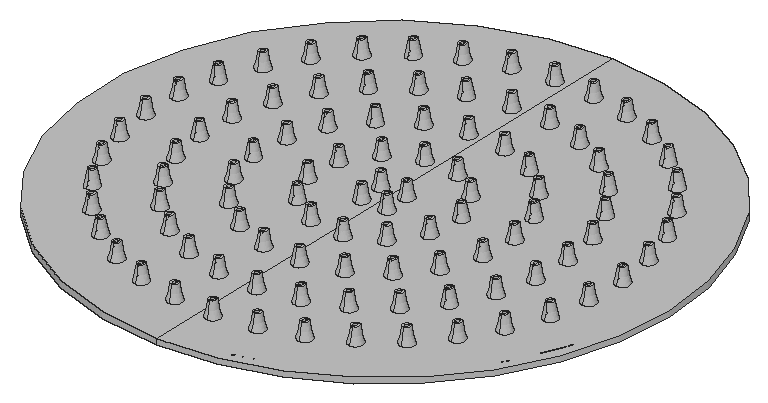
Revit family "Reece_Shower_Milli_Inox_Shower Head_250 mm", category Plumbing Fixtures, host Face, Revit 2018 (continued)
Automatic sketch dimensions
  Revolve 6 sketch curve to Revolve 6 sketch curve = 0.808 mm
  Revolve 6 sketch curve to Revolve 6 sketch curve = 3.055 mm
  Revolve 6 sketch curve to Revolve 6 sketch curve = 0.802 mm
  Revolve 6 sketch curve to Revolve 6 sketch curve = 0 mm  (x2)
  Revolve 7 sketch curve to plane 9 = 0 mm  (x2)
  Revolve 7 sketch curve to plane 1 "Center (Front/Back)" = 3.601 mm
  Revolve 7 sketch curve to Revolve 7 sketch curve = 22.402 mm
  Revolve 7 sketch curve to plane 9 = 6.766 mm
  Revolve 7 sketch curve to Revolve 7 sketch curve = 1.38 mm
  Revolve 7 sketch curve to Revolve 7 sketch curve = 0.808 mm
  Revolve 7 sketch curve to Revolve 7 sketch curve = 3.055 mm
  Revolve 7 sketch curve to Revolve 7 sketch curve = 0.802 mm
  Revolve 7 sketch curve to Revolve 7 sketch curve = 0 mm  (x2)
  Revolve 8 sketch curve to plane 9 = 0 mm  (x2)
  plane 1 "Center (Front/Back)" to Revolve 8 sketch curve = 3.051 mm
  Revolve 8 sketch curve to Revolve 8 sketch curve = 22.402 mm
  Revolve 8 sketch curve to plane 9 = 6.766 mm
  Revolve 8 sketch curve to Revolve 8 sketch curve = 1.38 mm
  Revolve 8 sketch curve to Revolve 8 sketch curve = 0.808 mm
  Revolve 8 sketch curve to Revolve 8 sketch curve = 3.055 mm
  Revolve 8 sketch curve to Revolve 8 sketch curve = 0.802 mm
  Revolve 8 sketch curve to Revolve 8 sketch curve = 0 mm  (x2)
  Revolve 9 sketch curve to plane 9 = 0 mm  (x2)
  plane 1 "Center (Front/Back)" to Revolve 9 sketch curve = 15.716 mm
  Revolve 9 sketch curve to plane 1 "Center (Front/Back)" = 6.685 mm
  Revolve 9 sketch curve to plane 9 = 6.766 mm
  Revolve 9 sketch curve to Revolve 9 sketch curve = 1.38 mm
  Revolve 9 sketch curve to Revolve 9 sketch curve = 0.808 mm
  Revolve 9 sketch curve to Revolve 9 sketch curve = 3.055 mm
  Revolve 9 sketch curve to Revolve 9 sketch curve = 0.802 mm
  Revolve 9 sketch curve to Revolve 9 sketch curve = 0 mm  (x2)
  Revolve 10 sketch curve to plane 9 = 0 mm  (x2)
  Revolve 10 sketch curve to plane 9 = 8.093 mm
  plane 1 "Center (Front/Back)" to Revolve 10 sketch curve = 31.112 mm
  plane 1 "Center (Front/Back)" to Revolve 10 sketch curve = 8.71 mm
  Revolve 10 sketch curve to plane 9 = 6.766 mm
  Revolve 10 sketch curve to Revolve 10 sketch curve = 0.808 mm
  Revolve 10 sketch curve to Revolve 10 sketch curve = 3.055 mm
  Revolve 10 sketch curve to Revolve 10 sketch curve = 0.802 mm
  Revolve 10 sketch curve to Revolve 10 sketch curve = 0 mm  (x2)
  Revolve 11 sketch curve to plane 9 = 0 mm  (x2)
  Revolve 11 sketch curve to plane 9 = 8.093 mm
  plane 1 "Center (Front/Back)" to Revolve 11 sketch curve = 45.11 mm
  Revolve 11 sketch curve to Revolve 11 sketch curve = 22.402 mm
  Revolve 11 sketch curve to plane 9 = 6.766 mm
  Revolve 11 sketch curve to Revolve 11 sketch curve = 0.808 mm
  Revolve 11 sketch curve to Revolve 11 sketch curve = 3.055 mm
  Revolve 11 sketch curve to Revolve 11 sketch curve = 0.802 mm
  Revolve 11 sketch curve to Revolve 11 sketch curve = 0 mm  (x2)
  Revolve 12 sketch curve to plane 9 = 0 mm  (x2)
  Revolve 12 sketch curve to plane 9 = 8.093 mm
  plane 1 "Center (Front/Back)" to Revolve 12 sketch curve = 53.567 mm
  Revolve 12 sketch curve to Revolve 12 sketch curve = 22.402 mm
  Revolve 12 sketch curve to plane 9 = 6.766 mm
  Revolve 12 sketch curve to Revolve 12 sketch curve = 0.808 mm
  Revolve 12 sketch curve to Revolve 12 sketch curve = 3.055 mm
  Revolve 12 sketch curve to Revolve 12 sketch curve = 0.802 mm
  Revolve 12 sketch curve to Revolve 12 sketch curve = 0 mm  (x2)
  plane 9 to Revolve 13 sketch curve = 0 mm  (x2)
  Revolve 13 sketch curve to plane 1 "Center (Front/Back)" = 2.459 mm
  Revolve 13 sketch curve to Revolve 13 sketch curve = 22.402 mm
  Revolve 13 sketch curve to plane 9 = 6.766 mm
  Revolve 13 sketch curve to Revolve 13 sketch curve = 1.38 mm
  Revolve 13 sketch curve to Revolve 13 sketch curve = 0.808 mm
  Revolve 13 sketch curve to Revolve 13 sketch curve = 3.055 mm
  Revolve 13 sketch curve to Revolve 13 sketch curve = 0.802 mm
  Revolve 13 sketch curve to Revolve 13 sketch curve = 0 mm  (x2)
  plane 9 to Revolve 14 sketch curve = 0 mm  (x2)
  plane 1 "Center (Front/Back)" to Revolve 14 sketch curve = 6.256 mm
  Revolve 14 sketch curve to Revolve 14 sketch curve = 22.402 mm
  Revolve 14 sketch curve to plane 9 = 6.766 mm
  Revolve 14 sketch curve to Revolve 14 sketch curve = 1.38 mm
  Revolve 14 sketch curve to Revolve 14 sketch curve = 0.808 mm
  Revolve 14 sketch curve to Revolve 14 sketch curve = 3.055 mm
  Revolve 14 sketch curve to Revolve 14 sketch curve = 0.802 mm
  Revolve 14 sketch curve to Revolve 14 sketch curve = 0 mm  (x2)
  plane 9 to Revolve 15 sketch curve = 0 mm  (x2)
  plane 1 "Center (Front/Back)" to Revolve 15 sketch curve = 19.962 mm
  Revolve 15 sketch curve to plane 1 "Center (Front/Back)" = 2.439 mm
  Revolve 15 sketch curve to plane 9 = 6.766 mm
  Revolve 15 sketch curve to Revolve 15 sketch curve = 1.38 mm
  Revolve 15 sketch curve to Revolve 15 sketch curve = 0.808 mm
  Revolve 15 sketch curve to Revolve 15 sketch curve = 3.055 mm
  Revolve 15 sketch curve to Revolve 15 sketch curve = 0.802 mm
  Revolve 15 sketch curve to Revolve 15 sketch curve = 0 mm  (x2)
  plane 9 to Revolve 16 sketch curve = 0 mm  (x2)
  Revolve 16 sketch curve to plane 9 = 8.093 mm
  plane 1 "Center (Front/Back)" to Revolve 16 sketch curve = 35.516 mm
  plane 1 "Center (Front/Back)" to Revolve 16 sketch curve = 13.115 mm
  Revolve 16 sketch curve to plane 9 = 6.766 mm
  Revolve 16 sketch curve to Revolve 16 sketch curve = 0.808 mm
  Revolve 16 sketch curve to Revolve 16 sketch curve = 3.055 mm
  Revolve 16 sketch curve to Revolve 16 sketch curve = 0.802 mm
  Revolve 16 sketch curve to Revolve 16 sketch curve = 0 mm  (x2)
  plane 9 to Revolve 17 sketch curve = 0 mm  (x2)
  Revolve 17 sketch curve to plane 9 = 8.093 mm
  plane 1 "Center (Front/Back)" to Revolve 17 sketch curve = 48.206 mm
  Revolve 17 sketch curve to Revolve 17 sketch curve = 22.402 mm
  Revolve 17 sketch curve to plane 9 = 6.766 mm
  Revolve 17 sketch curve to Revolve 17 sketch curve = 0.808 mm
  Revolve 17 sketch curve to Revolve 17 sketch curve = 3.055 mm
  Revolve 17 sketch curve to Revolve 17 sketch curve = 0.802 mm
  Revolve 17 sketch curve to Revolve 17 sketch curve = 0 mm  (x2)
  plane 9 to Revolve 18 sketch curve = 0 mm  (x2)
  Revolve 18 sketch curve to plane 9 = 8.093 mm
  plane 1 "Center (Front/Back)" to Revolve 18 sketch curve = 55.037 mm
  Revolve 18 sketch curve to Revolve 18 sketch curve = 22.402 mm
  Revolve 18 sketch curve to plane 9 = 6.766 mm
  Revolve 18 sketch curve to Revolve 18 sketch curve = 0.808 mm
  Revolve 18 sketch curve to Revolve 18 sketch curve = 3.055 mm
  Revolve 18 sketch curve to Revolve 18 sketch curve = 0.802 mm
  Revolve 18 sketch curve to Revolve 18 sketch curve = 0 mm  (x2)
  Revolve 19 sketch curve to plane 9 = 0 mm  (x2)
  Revolve 19 sketch curve to plane 9 = 8.093 mm
  Revolve 19 sketch curve to plane 1 "Center (Front/Back)" = 27.302 mm
  Revolve 19 sketch curve to Revolve 19 sketch curve = 22.402 mm
  Revolve 19 sketch curve to plane 9 = 6.766 mm
  Revolve 19 sketch curve to Revolve 19 sketch curve = 0.808 mm
  Revolve 19 sketch curve to Revolve 19 sketch curve = 3.055 mm
  Revolve 19 sketch curve to Revolve 19 sketch curve = 0.802 mm
  Revolve 19 sketch curve to Revolve 19 sketch curve = 0 mm  (x2)
  Revolve 20 sketch curve to plane 9 = 0 mm  (x2)
  Revolve 20 sketch curve to plane 9 = 8.093 mm
  Revolve 20 sketch curve to plane 1 "Center (Front/Back)" = 23.054 mm
  Revolve 20 sketch curve to Revolve 20 sketch curve = 22.402 mm
  Revolve 20 sketch curve to plane 9 = 6.766 mm
  Revolve 20 sketch curve to Revolve 20 sketch curve = 0.808 mm
  Revolve 20 sketch curve to Revolve 20 sketch curve = 3.055 mm
  Revolve 20 sketch curve to Revolve 20 sketch curve = 0.802 mm
  Revolve 20 sketch curve to Revolve 20 sketch curve = 0 mm  (x2)
  Revolve 21 sketch curve to plane 9 = 0 mm  (x2)
  Revolve 21 sketch curve to plane 9 = 8.093 mm
  Revolve 21 sketch curve to plane 1 "Center (Front/Back)" = 13.932 mm
  Revolve 21 sketch curve to Revolve 21 sketch curve = 22.402 mm
  Revolve 21 sketch curve to plane 9 = 6.766 mm
  Revolve 21 sketch curve to Revolve 21 sketch curve = 0.808 mm
  Revolve 21 sketch curve to Revolve 21 sketch curve = 3.055 mm
  Revolve 21 sketch curve to Revolve 21 sketch curve = 0.802 mm
  Revolve 21 sketch curve to Revolve 21 sketch curve = 0 mm  (x2)
  Revolve 22 sketch curve to plane 9 = 0 mm  (x2)
  Revolve 22 sketch curve to plane 1 "Center (Front/Back)" = 0.928 mm
  Revolve 22 sketch curve to Revolve 22 sketch curve = 22.402 mm
  Revolve 22 sketch curve to plane 9 = 6.766 mm
  Revolve 22 sketch curve to Revolve 22 sketch curve = 1.38 mm
  Revolve 22 sketch curve to Revolve 22 sketch curve = 0.808 mm
  Revolve 22 sketch curve to Revolve 22 sketch curve = 3.055 mm
  Revolve 22 sketch curve to Revolve 22 sketch curve = 0.802 mm
  Revolve 22 sketch curve to Revolve 22 sketch curve = 0 mm  (x2)
  Revolve 23 sketch curve to plane 9 = 0 mm  (x2)
  plane 1 "Center (Front/Back)" to Revolve 23 sketch curve = 14.176 mm
  Revolve 23 sketch curve to plane 1 "Center (Front/Back)" = 8.225 mm
  Revolve 23 sketch curve to plane 9 = 6.766 mm
  Revolve 23 sketch curve to Revolve 23 sketch curve = 1.38 mm
  Revolve 23 sketch curve to Revolve 23 sketch curve = 0.808 mm
  Revolve 23 sketch curve to Revolve 23 sketch curve = 3.055 mm
  Revolve 23 sketch curve to Revolve 23 sketch curve = 0.802 mm
  Revolve 23 sketch curve to Revolve 23 sketch curve = 0 mm  (x2)
  Revolve 24 sketch curve to plane 9 = 0 mm  (x2)
  Revolve 24 sketch curve to plane 9 = 8.093 mm
  plane 1 "Center (Front/Back)" to Revolve 24 sketch curve = 31.352 mm
  plane 1 "Center (Front/Back)" to Revolve 24 sketch curve = 8.95 mm
  Revolve 24 sketch curve to plane 9 = 6.766 mm
  Revolve 24 sketch curve to Revolve 24 sketch curve = 0.808 mm
  Revolve 24 sketch curve to Revolve 24 sketch curve = 3.055 mm
  Revolve 24 sketch curve to Revolve 24 sketch curve = 0.802 mm
  Revolve 24 sketch curve to Revolve 24 sketch curve = 0 mm  (x2)
  Revolve 25 sketch curve to plane 9 = 0 mm  (x2)
  Revolve 25 sketch curve to plane 9 = 8.093 mm
  plane 1 "Center (Front/Back)" to Revolve 25 sketch curve = 48.128 mm
  Revolve 25 sketch curve to Revolve 25 sketch curve = 22.402 mm
  Revolve 25 sketch curve to plane 9 = 6.766 mm
  Revolve 25 sketch curve to Revolve 25 sketch curve = 0.808 mm
  Revolve 25 sketch curve to Revolve 25 sketch curve = 3.055 mm
  Revolve 25 sketch curve to Revolve 25 sketch curve = 0.802 mm
  Revolve 25 sketch curve to Revolve 25 sketch curve = 0 mm  (x2)
  Revolve 26 sketch curve to plane 9 = 0 mm  (x2)
  Revolve 26 sketch curve to plane 9 = 8.093 mm
  plane 1 "Center (Front/Back)" to Revolve 26 sketch curve = 61.349 mm
  Revolve 26 sketch curve to Revolve 26 sketch curve = 22.402 mm
  Revolve 26 sketch curve to plane 9 = 6.766 mm
  Revolve 26 sketch curve to Revolve 26 sketch curve = 0.808 mm
  Revolve 26 sketch curve to Revolve 26 sketch curve = 3.055 mm
  Revolve 26 sketch curve to Revolve 26 sketch curve = 0.802 mm
  Revolve 26 sketch curve to Revolve 26 sketch curve = 0 mm  (x2)
  Revolve 27 sketch curve to plane 9 = 0 mm  (x2)
  Revolve 27 sketch curve to plane 9 = 8.093 mm
  Revolve 27 sketch curve to plane 7 = 53.308 mm
  Revolve 27 sketch curve to Revolve 27 sketch curve = 22.402 mm
  Revolve 27 sketch curve to plane 9 = 6.766 mm
  Revolve 27 sketch curve to Revolve 27 sketch curve = 0.808 mm
  Revolve 27 sketch curve to Revolve 27 sketch curve = 3.055 mm
  Revolve 27 sketch curve to Revolve 27 sketch curve = 0.802 mm
  Revolve 27 sketch curve to Revolve 27 sketch curve = 0 mm  (x2)
  Revolve 28 sketch curve to plane 9 = 0 mm  (x2)
  Revolve 28 sketch curve to plane 9 = 8.093 mm
  Revolve 28 sketch curve to plane 7 = 46.336 mm
  Revolve 28 sketch curve to Revolve 28 sketch curve = 22.402 mm
  Revolve 28 sketch curve to plane 9 = 6.766 mm
  Revolve 28 sketch curve to Revolve 28 sketch curve = 0.808 mm
  Revolve 28 sketch curve to Revolve 28 sketch curve = 3.055 mm
  Revolve 28 sketch curve to Revolve 28 sketch curve = 0.802 mm
  Revolve 28 sketch curve to Revolve 28 sketch curve = 0 mm  (x2)
  Revolve 29 sketch curve to plane 9 = 0 mm  (x2)
  Revolve 29 sketch curve to plane 9 = 8.093 mm
  Revolve 29 sketch curve to plane 7 = 50.625 mm
  Revolve 29 sketch curve to Revolve 29 sketch curve = 22.402 mm
  Revolve 29 sketch curve to plane 9 = 6.766 mm
  Revolve 29 sketch curve to Revolve 29 sketch curve = 0.808 mm
  Revolve 29 sketch curve to Revolve 29 sketch curve = 3.055 mm
  Revolve 29 sketch curve to Revolve 29 sketch curve = 0.802 mm
  Revolve 29 sketch curve to Revolve 29 sketch curve = 0 mm  (x2)
  Revolve 30 sketch curve to plane 9 = 0 mm  (x2)
  Revolve 30 sketch curve to plane 9 = 8.093 mm
  Revolve 30 sketch curve to plane 7 = 59.641 mm
  Revolve 30 sketch curve to Revolve 30 sketch curve = 22.402 mm
  Revolve 30 sketch curve to plane 9 = 6.766 mm
  Revolve 30 sketch curve to Revolve 30 sketch curve = 0.808 mm
  Revolve 30 sketch curve to Revolve 30 sketch curve = 3.055 mm
  Revolve 30 sketch curve to Revolve 30 sketch curve = 0.802 mm
  Revolve 30 sketch curve to Revolve 30 sketch curve = 0 mm  (x2)
  Revolve 31 sketch curve to plane 9 = 0 mm  (x2)
  Revolve 31 sketch curve to plane 9 = 8.093 mm
  plane 1 "Center (Front/Back)" to Revolve 31 sketch curve = 77.693 mm
  Revolve 31 sketch curve to Revolve 31 sketch curve = 22.402 mm
  Revolve 31 sketch curve to plane 9 = 6.766 mm
  Revolve 31 sketch curve to Revolve 31 sketch curve = 0.808 mm
  Revolve 31 sketch curve to Revolve 31 sketch curve = 3.055 mm
  Revolve 31 sketch curve to Revolve 31 sketch curve = 0.802 mm
  Revolve 31 sketch curve to Revolve 31 sketch curve = 0 mm  (x2)
  Revolve 32 sketch curve to plane 9 = 0 mm  (x2)
  Revolve 32 sketch curve to plane 9 = 8.093 mm
  plane 1 "Center (Front/Back)" to Revolve 32 sketch curve = 52.601 mm
  Revolve 32 sketch curve to Revolve 32 sketch curve = 22.402 mm
  Revolve 32 sketch curve to plane 9 = 6.766 mm
  Revolve 32 sketch curve to Revolve 32 sketch curve = 0.808 mm
  Revolve 32 sketch curve to Revolve 32 sketch curve = 3.055 mm
  Revolve 32 sketch curve to Revolve 32 sketch curve = 0.802 mm
  Revolve 32 sketch curve to Revolve 32 sketch curve = 0 mm  (x2)
  Revolve 33 sketch curve to plane 9 = 0 mm  (x2)
  Revolve 33 sketch curve to plane 9 = 8.093 mm
  plane 1 "Center (Front/Back)" to Revolve 33 sketch curve = 36.664 mm
  plane 1 "Center (Front/Back)" to Revolve 33 sketch curve = 14.263 mm
  Revolve 33 sketch curve to plane 9 = 6.766 mm
  Revolve 33 sketch curve to Revolve 33 sketch curve = 0.808 mm
  Revolve 33 sketch curve to Revolve 33 sketch curve = 3.055 mm
  Revolve 33 sketch curve to Revolve 33 sketch curve = 0.802 mm
  Revolve 33 sketch curve to Revolve 33 sketch curve = 0 mm  (x2)
  Revolve 34 sketch curve to plane 9 = 0 mm  (x2)
  Revolve 34 sketch curve to plane 9 = 8.093 mm
  plane 1 "Center (Front/Back)" to Revolve 34 sketch curve = 20.166 mm
  Revolve 34 sketch curve to plane 1 "Center (Front/Back)" = 2.235 mm
  Revolve 34 sketch curve to plane 1 "Center (Front/Back)" = 3.615 mm
  Revolve 34 sketch curve to Revolve 34 sketch curve = 0.808 mm
  Revolve 34 sketch curve to Revolve 34 sketch curve = 3.055 mm
  Revolve 34 sketch curve to Revolve 34 sketch curve = 0.802 mm
  Revolve 34 sketch curve to Revolve 34 sketch curve = 0 mm  (x2)
  Revolve 35 sketch curve to plane 9 = 0 mm  (x2)
  plane 1 "Center (Front/Back)" to Revolve 35 sketch curve = 4.186 mm
  Revolve 35 sketch curve to plane 1 "Center (Front/Back)" = 18.215 mm
  Revolve 35 sketch curve to plane 9 = 6.766 mm
  Revolve 35 sketch curve to Revolve 35 sketch curve = 1.38 mm
  Revolve 35 sketch curve to Revolve 35 sketch curve = 0.808 mm
  Revolve 35 sketch curve to Revolve 35 sketch curve = 3.055 mm
  Revolve 35 sketch curve to Revolve 35 sketch curve = 0.802 mm
  Revolve 35 sketch curve to Revolve 35 sketch curve = 0 mm  (x2)
  Revolve 36 sketch curve to plane 9 = 0 mm  (x2)
  Revolve 36 sketch curve to plane 9 = 8.093 mm
  Revolve 36 sketch curve to plane 1 "Center (Front/Back)" = 9.615 mm
  Revolve 36 sketch curve to Revolve 36 sketch curve = 22.402 mm
  Revolve 36 sketch curve to plane 9 = 6.766 mm
  Revolve 36 sketch curve to Revolve 36 sketch curve = 0.808 mm
  Revolve 36 sketch curve to Revolve 36 sketch curve = 3.055 mm
  Revolve 36 sketch curve to Revolve 36 sketch curve = 0.802 mm
  Revolve 36 sketch curve to Revolve 36 sketch curve = 0 mm  (x2)
  Revolve 37 sketch curve to plane 9 = 0 mm  (x2)
  Revolve 37 sketch curve to plane 9 = 8.093 mm
  Revolve 37 sketch curve to plane 1 "Center (Front/Back)" = 20.272 mm
  Revolve 37 sketch curve to Revolve 37 sketch curve = 22.402 mm
  Revolve 37 sketch curve to plane 9 = 6.766 mm
  Revolve 37 sketch curve to Revolve 37 sketch curve = 0.808 mm
  Revolve 37 sketch curve to Revolve 37 sketch curve = 3.055 mm
  Revolve 37 sketch curve to Revolve 37 sketch curve = 0.802 mm
  Revolve 37 sketch curve to Revolve 37 sketch curve = 0 mm  (x2)
  Revolve 38 sketch curve to plane 9 = 0 mm  (x2)
  Revolve 38 sketch curve to plane 9 = 8.093 mm
  Revolve 38 sketch curve to plane 1 "Center (Front/Back)" = 26.334 mm
  Revolve 38 sketch curve to Revolve 38 sketch curve = 22.402 mm
  Revolve 38 sketch curve to plane 9 = 6.766 mm
  Revolve 38 sketch curve to Revolve 38 sketch curve = 0.808 mm
  Revolve 38 sketch curve to Revolve 38 sketch curve = 3.055 mm
  Revolve 38 sketch curve to Revolve 38 sketch curve = 0.802 mm
  Revolve 38 sketch curve to Revolve 38 sketch curve = 0 mm  (x2)
  Revolve 39 sketch curve to plane 9 = 0 mm  (x2)
  Revolve 39 sketch curve to plane 9 = 8.093 mm
  Revolve 39 sketch curve to plane 1 "Center (Front/Back)" = 50.804 mm
  Revolve 39 sketch curve to Revolve 39 sketch curve = 22.402 mm
  Revolve 39 sketch curve to plane 9 = 6.766 mm
  Revolve 39 sketch curve to Revolve 39 sketch curve = 0.808 mm
  Revolve 39 sketch curve to Revolve 39 sketch curve = 3.055 mm
  Revolve 39 sketch curve to Revolve 39 sketch curve = 0.802 mm
  Revolve 39 sketch curve to Revolve 39 sketch curve = 0 mm  (x2)
  Revolve 40 sketch curve to plane 9 = 0 mm  (x2)
  Revolve 40 sketch curve to plane 9 = 8.093 mm
  Revolve 40 sketch curve to plane 1 "Center (Front/Back)" = 47.68 mm
  Revolve 40 sketch curve to Revolve 40 sketch curve = 22.402 mm
  Revolve 40 sketch curve to plane 9 = 6.766 mm
  Revolve 40 sketch curve to Revolve 40 sketch curve = 0.808 mm
  Revolve 40 sketch curve to Revolve 40 sketch curve = 3.055 mm
  Revolve 40 sketch curve to Revolve 40 sketch curve = 0.802 mm
  Revolve 40 sketch curve to Revolve 40 sketch curve = 0 mm  (x2)
  Revolve 41 sketch curve to plane 9 = 0 mm  (x2)
  Revolve 41 sketch curve to plane 9 = 8.093 mm
  Revolve 41 sketch curve to plane 1 "Center (Front/Back)" = 40.966 mm
  Revolve 41 sketch curve to Revolve 41 sketch curve = 22.402 mm
  Revolve 41 sketch curve to plane 9 = 6.766 mm
  Revolve 41 sketch curve to Revolve 41 sketch curve = 0.808 mm
  Revolve 41 sketch curve to Revolve 41 sketch curve = 3.055 mm
  Revolve 41 sketch curve to Revolve 41 sketch curve = 0.802 mm
  Revolve 41 sketch curve to Revolve 41 sketch curve = 0 mm  (x2)
  Revolve 42 sketch curve to plane 9 = 0 mm  (x2)
  Revolve 42 sketch curve to plane 9 = 8.093 mm
  Revolve 42 sketch curve to plane 1 "Center (Front/Back)" = 58.867 mm
  Revolve 42 sketch curve to Revolve 42 sketch curve = 22.402 mm
  Revolve 42 sketch curve to plane 9 = 6.766 mm
  Revolve 42 sketch curve to Revolve 42 sketch curve = 0.808 mm
  Revolve 42 sketch curve to Revolve 42 sketch curve = 3.055 mm
  Revolve 42 sketch curve to Revolve 42 sketch curve = 0.802 mm
  Revolve 42 sketch curve to Revolve 42 sketch curve = 0 mm  (x2)
  Revolve 43 sketch curve to plane 9 = 0 mm  (x2)
  Revolve 43 sketch curve to plane 9 = 8.093 mm
  Revolve 43 sketch curve to plane 1 "Center (Front/Back)" = 34.776 mm
  Revolve 43 sketch curve to Revolve 43 sketch curve = 22.402 mm
  Revolve 43 sketch curve to plane 9 = 6.766 mm
  Revolve 43 sketch curve to Revolve 43 sketch curve = 0.808 mm
  Revolve 43 sketch curve to Revolve 43 sketch curve = 3.055 mm
  Revolve 43 sketch curve to Revolve 43 sketch curve = 0.802 mm
  Revolve 43 sketch curve to Revolve 43 sketch curve = 0 mm  (x2)
  Revolve 44 sketch curve to plane 9 = 0 mm  (x2)
  Revolve 44 sketch curve to plane 1 "Center (Front/Back)" = 19.972 mm
  Revolve 44 sketch curve to Revolve 44 sketch curve = 22.402 mm
  Revolve 44 sketch curve to plane 9 = 6.766 mm
  Revolve 44 sketch curve to Revolve 44 sketch curve = 1.38 mm
  Revolve 44 sketch curve to Revolve 44 sketch curve = 0.808 mm
  Revolve 44 sketch curve to Revolve 44 sketch curve = 3.055 mm
  Revolve 44 sketch curve to Revolve 44 sketch curve = 0.802 mm
  Revolve 44 sketch curve to Revolve 44 sketch curve = 0 mm  (x2)
  Revolve 45 sketch curve to plane 9 = 0 mm  (x2)
  plane 1 "Center (Front/Back)" to Revolve 45 sketch curve = 13.548 mm
  Revolve 45 sketch curve to plane 1 "Center (Front/Back)" = 8.854 mm
  Revolve 45 sketch curve to plane 9 = 6.766 mm
  Revolve 45 sketch curve to Revolve 45 sketch curve = 1.38 mm
  Revolve 45 sketch curve to Revolve 45 sketch curve = 0.808 mm
  Revolve 45 sketch curve to Revolve 45 sketch curve = 3.055 mm
  Revolve 45 sketch curve to Revolve 45 sketch curve = 0.802 mm
  Revolve 45 sketch curve to Revolve 45 sketch curve = 0 mm  (x2)
  Revolve 46 sketch curve to plane 9 = 0 mm  (x2)
  Revolve 46 sketch curve to plane 9 = 8.093 mm
  plane 1 "Center (Front/Back)" to Revolve 46 sketch curve = 30.887 mm
  plane 1 "Center (Front/Back)" to Revolve 46 sketch curve = 8.485 mm
  Revolve 46 sketch curve to plane 9 = 6.766 mm
  Revolve 46 sketch curve to Revolve 46 sketch curve = 0.808 mm
  Revolve 46 sketch curve to Revolve 46 sketch curve = 3.055 mm
  Revolve 46 sketch curve to Revolve 46 sketch curve = 0.802 mm
  Revolve 46 sketch curve to Revolve 46 sketch curve = 0 mm  (x2)
  Revolve 47 sketch curve to plane 9 = 0 mm  (x2)
  Revolve 47 sketch curve to plane 9 = 8.093 mm
  plane 1 "Center (Front/Back)" to Revolve 47 sketch curve = 48.408 mm
  Revolve 47 sketch curve to Revolve 47 sketch curve = 22.402 mm
  Revolve 47 sketch curve to plane 9 = 6.766 mm
  Revolve 47 sketch curve to Revolve 47 sketch curve = 0.808 mm
  Revolve 47 sketch curve to Revolve 47 sketch curve = 3.055 mm
  Revolve 47 sketch curve to Revolve 47 sketch curve = 0.802 mm
  Revolve 47 sketch curve to Revolve 47 sketch curve = 0 mm  (x2)
  Revolve 48 sketch curve to plane 9 = 0 mm  (x2)
  Revolve 48 sketch curve to plane 9 = 8.093 mm
  plane 1 "Center (Front/Back)" to Revolve 48 sketch curve = 65.086 mm
  Revolve 48 sketch curve to Revolve 48 sketch curve = 22.402 mm
  Revolve 48 sketch curve to plane 9 = 6.766 mm
  Revolve 48 sketch curve to Revolve 48 sketch curve = 0.808 mm
  Revolve 48 sketch curve to Revolve 48 sketch curve = 3.055 mm
  Revolve 48 sketch curve to Revolve 48 sketch curve = 0.802 mm
  Revolve 48 sketch curve to Revolve 48 sketch curve = 0 mm  (x2)
  Revolve 49 sketch curve to plane 9 = 0 mm  (x2)
  Revolve 49 sketch curve to plane 9 = 8.093 mm
  Revolve 49 sketch curve to plane 7 = 61.072 mm
  Revolve 49 sketch curve to Revolve 49 sketch curve = 22.402 mm
  Revolve 49 sketch curve to plane 9 = 6.766 mm
  Revolve 49 sketch curve to Revolve 49 sketch curve = 0.808 mm
  Revolve 49 sketch curve to Revolve 49 sketch curve = 3.055 mm
  Revolve 49 sketch curve to Revolve 49 sketch curve = 0.802 mm
  Revolve 49 sketch curve to Revolve 49 sketch curve = 0 mm  (x2)
  Revolve 50 sketch curve to plane 9 = 0 mm  (x2)
  Revolve 50 sketch curve to plane 9 = 8.093 mm
  Revolve 50 sketch curve to plane 7 = 47.126 mm
  Revolve 50 sketch curve to Revolve 50 sketch curve = 22.402 mm
  Revolve 50 sketch curve to plane 9 = 6.766 mm
  Revolve 50 sketch curve to Revolve 50 sketch curve = 0.808 mm
  Revolve 50 sketch curve to Revolve 50 sketch curve = 3.055 mm
  Revolve 50 sketch curve to Revolve 50 sketch curve = 0.802 mm
  Revolve 50 sketch curve to Revolve 50 sketch curve = 0 mm  (x2)
  Revolve 51 sketch curve to plane 9 = 0 mm  (x2)
  Revolve 51 sketch curve to plane 9 = 8.093 mm
  Revolve 51 sketch curve to plane 7 = 27.665 mm
  Revolve 51 sketch curve to Revolve 51 sketch curve = 22.402 mm
  Revolve 51 sketch curve to plane 9 = 6.766 mm
  Revolve 51 sketch curve to Revolve 51 sketch curve = 0.808 mm
  Revolve 51 sketch curve to Revolve 51 sketch curve = 3.055 mm
  Revolve 51 sketch curve to Revolve 51 sketch curve = 0.802 mm
  Revolve 51 sketch curve to Revolve 51 sketch curve = 0 mm  (x2)
  Revolve 52 sketch curve to plane 9 = 0 mm  (x2)
  Revolve 52 sketch curve to plane 9 = 8.093 mm
  Revolve 52 sketch curve to plane 7 = 23.002 mm
  Revolve 52 sketch curve to Revolve 52 sketch curve = 22.402 mm
  Revolve 52 sketch curve to plane 9 = 6.766 mm
  Revolve 52 sketch curve to Revolve 52 sketch curve = 0.808 mm
  Revolve 52 sketch curve to Revolve 52 sketch curve = 3.055 mm
  Revolve 52 sketch curve to Revolve 52 sketch curve = 0.802 mm
  Revolve 52 sketch curve to Revolve 52 sketch curve = 0 mm  (x2)
  Revolve 53 sketch curve to plane 9 = 0 mm  (x2)
  Revolve 53 sketch curve to plane 9 = 8.093 mm
  Revolve 53 sketch curve to plane 7 = 22.502 mm
  Revolve 53 sketch curve to Revolve 53 sketch curve = 22.402 mm
  Revolve 53 sketch curve to plane 9 = 6.766 mm
  Revolve 53 sketch curve to Revolve 53 sketch curve = 0.808 mm
  Revolve 53 sketch curve to Revolve 53 sketch curve = 3.055 mm
  Revolve 53 sketch curve to Revolve 53 sketch curve = 0.802 mm
  Revolve 53 sketch curve to Revolve 53 sketch curve = 0 mm  (x2)
  Revolve 54 sketch curve to plane 9 = 0 mm  (x2)
  Revolve 54 sketch curve to plane 9 = 8.093 mm
  Revolve 54 sketch curve to plane 7 = 25.642 mm
  Revolve 54 sketch curve to Revolve 54 sketch curve = 22.402 mm
  Revolve 54 sketch curve to plane 9 = 6.766 mm
  Revolve 54 sketch curve to Revolve 54 sketch curve = 0.808 mm
  Revolve 54 sketch curve to Revolve 54 sketch curve = 3.055 mm
  Revolve 54 sketch curve to Revolve 54 sketch curve = 0.802 mm
  Revolve 54 sketch curve to Revolve 54 sketch curve = 0 mm  (x2)
  Revolve 55 sketch curve to plane 9 = 0 mm  (x2)
  Revolve 55 sketch curve to plane 9 = 8.093 mm
  Revolve 55 sketch curve to plane 7 = 32.348 mm
  Revolve 55 sketch curve to Revolve 55 sketch curve = 22.402 mm
  Revolve 55 sketch curve to plane 9 = 6.766 mm
  Revolve 55 sketch curve to Revolve 55 sketch curve = 0.808 mm
  Revolve 55 sketch curve to Revolve 55 sketch curve = 3.055 mm
  Revolve 55 sketch curve to Revolve 55 sketch curve = 0.802 mm
  Revolve 55 sketch curve to Revolve 55 sketch curve = 0 mm  (x2)
  Revolve 56 sketch curve to plane 9 = 0 mm  (x2)
  Revolve 56 sketch curve to plane 9 = 8.093 mm
  Revolve 56 sketch curve to plane 7 = 55.724 mm
  Revolve 56 sketch curve to Revolve 56 sketch curve = 22.402 mm
  Revolve 56 sketch curve to plane 9 = 6.766 mm
  Revolve 56 sketch curve to Revolve 56 sketch curve = 0.808 mm
  Revolve 56 sketch curve to Revolve 56 sketch curve = 3.055 mm
  Revolve 56 sketch curve to Revolve 56 sketch curve = 0.802 mm
  Revolve 56 sketch curve to Revolve 56 sketch curve = 0 mm  (x2)
  Revolve 57 sketch curve to plane 9 = 0 mm  (x2)
  Revolve 57 sketch curve to plane 9 = 8.093 mm
  Revolve 57 sketch curve to plane 7 = 71 mm
  Revolve 57 sketch curve to Revolve 57 sketch curve = 22.402 mm
  Revolve 57 sketch curve to plane 9 = 6.766 mm
  Revolve 57 sketch curve to Revolve 57 sketch curve = 0.808 mm
  Revolve 57 sketch curve to Revolve 57 sketch curve = 3.055 mm
  Revolve 57 sketch curve to Revolve 57 sketch curve = 0.802 mm
  Revolve 57 sketch curve to Revolve 57 sketch curve = 0 mm  (x2)
  Revolve 58 sketch curve to plane 9 = 0 mm  (x2)
  Revolve 58 sketch curve to plane 9 = 8.093 mm
  plane 1 "Center (Front/Back)" to Revolve 58 sketch curve = 37.625 mm
  plane 1 "Center (Front/Back)" to Revolve 58 sketch curve = 15.224 mm
  Revolve 58 sketch curve to plane 9 = 6.766 mm
  Revolve 58 sketch curve to Revolve 58 sketch curve = 0.808 mm
  Revolve 58 sketch curve to Revolve 58 sketch curve = 3.055 mm
  Revolve 58 sketch curve to Revolve 58 sketch curve = 0.802 mm
  Revolve 58 sketch curve to Revolve 58 sketch curve = 0 mm  (x2)
  Revolve 59 sketch curve to plane 9 = 0 mm  (x2)
  Revolve 59 sketch curve to plane 9 = 8.093 mm
  plane 1 "Center (Front/Back)" to Revolve 59 sketch curve = 20.323 mm
  Revolve 59 sketch curve to plane 1 "Center (Front/Back)" = 2.079 mm
  Revolve 59 sketch curve to plane 1 "Center (Front/Back)" = 3.459 mm
  Revolve 59 sketch curve to Revolve 59 sketch curve = 0.808 mm
  Revolve 59 sketch curve to Revolve 59 sketch curve = 3.055 mm
  Revolve 59 sketch curve to Revolve 59 sketch curve = 0.802 mm
  Revolve 59 sketch curve to Revolve 59 sketch curve = 0 mm  (x2)
  Revolve 60 sketch curve to plane 9 = 0 mm  (x2)
  plane 1 "Center (Front/Back)" to Revolve 60 sketch curve = 3.349 mm
  Revolve 60 sketch curve to Revolve 60 sketch curve = 22.402 mm
  Revolve 60 sketch curve to plane 9 = 6.766 mm
  Revolve 60 sketch curve to Revolve 60 sketch curve = 1.38 mm
  Revolve 60 sketch curve to Revolve 60 sketch curve = 0.808 mm
  Revolve 60 sketch curve to Revolve 60 sketch curve = 3.055 mm
  Revolve 60 sketch curve to Revolve 60 sketch curve = 0.802 mm
  Revolve 60 sketch curve to Revolve 60 sketch curve = 0 mm  (x2)
  Revolve 61 sketch curve to plane 9 = 0 mm  (x2)
  Revolve 61 sketch curve to plane 9 = 8.093 mm
  Revolve 61 sketch curve to plane 1 "Center (Front/Back)" = 12.442 mm
  Revolve 61 sketch curve to Revolve 61 sketch curve = 22.402 mm
  Revolve 61 sketch curve to plane 9 = 6.766 mm
  Revolve 61 sketch curve to Revolve 61 sketch curve = 0.808 mm
  Revolve 61 sketch curve to Revolve 61 sketch curve = 3.055 mm
  Revolve 61 sketch curve to Revolve 61 sketch curve = 0.802 mm
  Revolve 61 sketch curve to Revolve 61 sketch curve = 0 mm  (x2)
  Revolve 62 sketch curve to plane 9 = 0 mm  (x2)
  Revolve 62 sketch curve to plane 9 = 8.093 mm
  Revolve 62 sketch curve to plane 1 "Center (Front/Back)" = 26.505 mm
  Revolve 62 sketch curve to Revolve 62 sketch curve = 22.402 mm
  Revolve 62 sketch curve to plane 9 = 6.766 mm
  Revolve 62 sketch curve to Revolve 62 sketch curve = 0.808 mm
  Revolve 62 sketch curve to Revolve 62 sketch curve = 3.055 mm
  Revolve 62 sketch curve to Revolve 62 sketch curve = 0.802 mm
  Revolve 62 sketch curve to Revolve 62 sketch curve = 0 mm  (x2)
  Revolve 63 sketch curve to plane 9 = 0 mm  (x2)
  Revolve 63 sketch curve to plane 9 = 8.093 mm
  Revolve 63 sketch curve to plane 1 "Center (Front/Back)" = 37.706 mm
  Revolve 63 sketch curve to Revolve 63 sketch curve = 22.402 mm
  Revolve 63 sketch curve to plane 9 = 6.766 mm
  Revolve 63 sketch curve to Revolve 63 sketch curve = 0.808 mm
  Revolve 63 sketch curve to Revolve 63 sketch curve = 3.055 mm
  Revolve 63 sketch curve to Revolve 63 sketch curve = 0.802 mm
  Revolve 63 sketch curve to Revolve 63 sketch curve = 0 mm  (x2)
  Revolve 64 sketch curve to plane 9 = 0 mm  (x2)
  Revolve 64 sketch curve to plane 9 = 8.093 mm
  Revolve 64 sketch curve to plane 1 "Center (Front/Back)" = 45.934 mm
  Revolve 64 sketch curve to Revolve 64 sketch curve = 22.402 mm
  Revolve 64 sketch curve to plane 9 = 6.766 mm
  Revolve 64 sketch curve to Revolve 64 sketch curve = 0.808 mm
  Revolve 64 sketch curve to Revolve 64 sketch curve = 3.055 mm
  Revolve 64 sketch curve to Revolve 64 sketch curve = 0.802 mm
  Revolve 64 sketch curve to Revolve 64 sketch curve = 0 mm  (x2)
  Revolve 65 sketch curve to plane 9 = 0 mm  (x2)
  Revolve 65 sketch curve to plane 9 = 8.093 mm
  Revolve 65 sketch curve to plane 1 "Center (Front/Back)" = 50.485 mm
  Revolve 65 sketch curve to Revolve 65 sketch curve = 22.402 mm
  Revolve 65 sketch curve to plane 9 = 6.766 mm
  Revolve 65 sketch curve to Revolve 65 sketch curve = 0.808 mm
  Revolve 65 sketch curve to Revolve 65 sketch curve = 3.055 mm
  Revolve 65 sketch curve to Revolve 65 sketch curve = 0.802 mm
  Revolve 65 sketch curve to Revolve 65 sketch curve = 0 mm  (x2)
  Revolve 66 sketch curve to plane 9 = 0 mm  (x2)
  Revolve 66 sketch curve to plane 9 = 8.093 mm
  Revolve 66 sketch curve to plane 6 = 50.934 mm
  Revolve 66 sketch curve to Revolve 66 sketch curve = 22.402 mm
  Revolve 66 sketch curve to plane 9 = 6.766 mm
  Revolve 66 sketch curve to Revolve 66 sketch curve = 0.808 mm
  Revolve 66 sketch curve to Revolve 66 sketch curve = 3.055 mm
  Revolve 66 sketch curve to Revolve 66 sketch curve = 0.802 mm
  Revolve 66 sketch curve to Revolve 66 sketch curve = 0 mm  (x2)
  Revolve 67 sketch curve to plane 9 = 0 mm  (x2)
  Revolve 67 sketch curve to plane 9 = 8.093 mm
  Revolve 67 sketch curve to plane 6 = 60.683 mm
  Revolve 67 sketch curve to Revolve 67 sketch curve = 22.402 mm
  Revolve 67 sketch curve to plane 9 = 6.766 mm
  Revolve 67 sketch curve to Revolve 67 sketch curve = 0.808 mm
  Revolve 67 sketch curve to Revolve 67 sketch curve = 3.055 mm
  Revolve 67 sketch curve to Revolve 67 sketch curve = 0.802 mm
  Revolve 67 sketch curve to Revolve 67 sketch curve = 0 mm  (x2)
  Revolve 68 sketch curve to plane 9 = 0 mm  (x2)
  Revolve 68 sketch curve to plane 9 = 8.093 mm
  Revolve 68 sketch curve to plane 6 = 70.329 mm
  Revolve 68 sketch curve to Revolve 68 sketch curve = 22.402 mm
  Revolve 68 sketch curve to plane 9 = 6.766 mm
  Revolve 68 sketch curve to Revolve 68 sketch curve = 0.808 mm
  Revolve 68 sketch curve to Revolve 68 sketch curve = 3.055 mm
  Revolve 68 sketch curve to Revolve 68 sketch curve = 0.802 mm
  Revolve 68 sketch curve to Revolve 68 sketch curve = 0 mm  (x2)
  Revolve 69 sketch curve to plane 9 = 0 mm  (x2)
  Revolve 69 sketch curve to plane 9 = 8.093 mm
  Revolve 69 sketch curve to plane 1 "Center (Front/Back)" = 70.754 mm
  Revolve 69 sketch curve to Revolve 69 sketch curve = 22.402 mm
  Revolve 69 sketch curve to plane 9 = 6.766 mm
  Revolve 69 sketch curve to Revolve 69 sketch curve = 0.808 mm
  Revolve 69 sketch curve to Revolve 69 sketch curve = 3.055 mm
  Revolve 69 sketch curve to Revolve 69 sketch curve = 0.802 mm
  Revolve 69 sketch curve to Revolve 69 sketch curve = 0 mm  (x2)
  Revolve 70 sketch curve to plane 9 = 0 mm  (x2)
  Revolve 70 sketch curve to plane 9 = 8.093 mm
  Revolve 70 sketch curve to plane 1 "Center (Front/Back)" = 43.18 mm
  Revolve 70 sketch curve to Revolve 70 sketch curve = 22.402 mm
  Revolve 70 sketch curve to plane 9 = 6.766 mm
  Revolve 70 sketch curve to Revolve 70 sketch curve = 0.808 mm
  Revolve 70 sketch curve to Revolve 70 sketch curve = 3.055 mm
  Revolve 70 sketch curve to Revolve 70 sketch curve = 0.802 mm
  Revolve 70 sketch curve to Revolve 70 sketch curve = 0 mm  (x2)
  Revolve 71 sketch curve to plane 9 = 0 mm  (x2)
  Revolve 71 sketch curve to plane 9 = 8.093 mm
  Revolve 71 sketch curve to plane 1 "Center (Front/Back)" = 29.205 mm
  Revolve 71 sketch curve to Revolve 71 sketch curve = 22.402 mm
  Revolve 71 sketch curve to plane 9 = 6.766 mm
  Revolve 71 sketch curve to Revolve 71 sketch curve = 0.808 mm
  Revolve 71 sketch curve to Revolve 71 sketch curve = 3.055 mm
  Revolve 71 sketch curve to Revolve 71 sketch curve = 0.802 mm
  Revolve 71 sketch curve to Revolve 71 sketch curve = 0 mm  (x2)
  Revolve 72 sketch curve to plane 9 = 0 mm  (x2)
  Revolve 72 sketch curve to plane 9 = 8.093 mm
  Revolve 72 sketch curve to plane 1 "Center (Front/Back)" = 13.926 mm
  Revolve 72 sketch curve to Revolve 72 sketch curve = 22.402 mm
  Revolve 72 sketch curve to plane 9 = 6.766 mm
  Revolve 72 sketch curve to Revolve 72 sketch curve = 0.808 mm
  Revolve 72 sketch curve to Revolve 72 sketch curve = 3.055 mm
  Revolve 72 sketch curve to Revolve 72 sketch curve = 0.802 mm
  Revolve 72 sketch curve to Revolve 72 sketch curve = 0 mm  (x2)
  Revolve 73 sketch curve to plane 9 = 0 mm  (x2)
  plane 1 "Center (Front/Back)" to Revolve 73 sketch curve = 2.941 mm
  Revolve 73 sketch curve to Revolve 73 sketch curve = 22.402 mm
  Revolve 73 sketch curve to plane 9 = 6.766 mm
  Revolve 73 sketch curve to Revolve 73 sketch curve = 1.38 mm
  Revolve 73 sketch curve to Revolve 73 sketch curve = 0.808 mm
  Revolve 73 sketch curve to Revolve 73 sketch curve = 3.055 mm
  Revolve 73 sketch curve to Revolve 73 sketch curve = 0.802 mm
  Revolve 73 sketch curve to Revolve 73 sketch curve = 0 mm  (x2)
  Revolve 74 sketch curve to plane 9 = 0 mm  (x2)
  Revolve 74 sketch curve to plane 9 = 8.093 mm
  plane 1 "Center (Front/Back)" to Revolve 74 sketch curve = 20.361 mm
  Revolve 74 sketch curve to plane 1 "Center (Front/Back)" = 2.04 mm
  Revolve 74 sketch curve to plane 1 "Center (Front/Back)" = 3.421 mm
  Revolve 74 sketch curve to Revolve 74 sketch curve = 0.808 mm
  Revolve 74 sketch curve to Revolve 74 sketch curve = 3.055 mm
  Revolve 74 sketch curve to Revolve 74 sketch curve = 0.802 mm
  Revolve 74 sketch curve to Revolve 74 sketch curve = 0 mm  (x2)
  Revolve 75 sketch curve to plane 9 = 0 mm  (x2)
  Revolve 75 sketch curve to plane 9 = 8.093 mm
  plane 1 "Center (Front/Back)" to Revolve 75 sketch curve = 37.998 mm
  plane 1 "Center (Front/Back)" to Revolve 75 sketch curve = 15.597 mm
  Revolve 75 sketch curve to plane 9 = 6.766 mm
  Revolve 75 sketch curve to Revolve 75 sketch curve = 0.808 mm
  Revolve 75 sketch curve to Revolve 75 sketch curve = 3.055 mm
  Revolve 75 sketch curve to Revolve 75 sketch curve = 0.802 mm
  Revolve 75 sketch curve to Revolve 75 sketch curve = 0 mm  (x2)
  Revolve 76 sketch curve to plane 9 = 0 mm  (x2)
  Revolve 76 sketch curve to plane 9 = 8.093 mm
  Revolve 76 sketch curve to plane 7 = 70.026 mm
  Revolve 76 sketch curve to Revolve 76 sketch curve = 22.402 mm
  Revolve 76 sketch curve to plane 9 = 6.766 mm
  Revolve 76 sketch curve to Revolve 76 sketch curve = 0.808 mm
  Revolve 76 sketch curve to Revolve 76 sketch curve = 3.055 mm
  Revolve 76 sketch curve to Revolve 76 sketch curve = 0.802 mm
  Revolve 76 sketch curve to Revolve 76 sketch curve = 0 mm  (x2)
  Revolve 77 sketch curve to plane 9 = 0 mm  (x2)
  Revolve 77 sketch curve to plane 9 = 8.093 mm
  Revolve 77 sketch curve to plane 7 = 53.615 mm
  Revolve 77 sketch curve to Revolve 77 sketch curve = 22.402 mm
  Revolve 77 sketch curve to plane 9 = 6.766 mm
  Revolve 77 sketch curve to Revolve 77 sketch curve = 0.808 mm
  Revolve 77 sketch curve to Revolve 77 sketch curve = 3.055 mm
  Revolve 77 sketch curve to Revolve 77 sketch curve = 0.802 mm
  Revolve 77 sketch curve to Revolve 77 sketch curve = 0 mm  (x2)
  Revolve 78 sketch curve to plane 9 = 0 mm  (x2)
  Revolve 78 sketch curve to plane 9 = 8.093 mm
  Revolve 78 sketch curve to plane 7 = 6.741 mm
  Revolve 78 sketch curve to Revolve 78 sketch curve = 22.402 mm
  Revolve 78 sketch curve to plane 9 = 6.766 mm
  Revolve 78 sketch curve to Revolve 78 sketch curve = 0.808 mm
  Revolve 78 sketch curve to Revolve 78 sketch curve = 3.055 mm
  Revolve 78 sketch curve to Revolve 78 sketch curve = 0.802 mm
  Revolve 78 sketch curve to Revolve 78 sketch curve = 0 mm  (x2)
  Revolve 79 sketch curve to plane 9 = 0 mm  (x2)
  Revolve 79 sketch curve to plane 9 = 8.093 mm
  Revolve 79 sketch curve to plane 7 = 1.383 mm
  Revolve 79 sketch curve to Revolve 79 sketch curve = 22.402 mm
  Revolve 79 sketch curve to plane 9 = 6.766 mm
  Revolve 79 sketch curve to Revolve 79 sketch curve = 0.808 mm
  Revolve 79 sketch curve to Revolve 79 sketch curve = 3.055 mm
  Revolve 79 sketch curve to Revolve 79 sketch curve = 0.802 mm
  Revolve 79 sketch curve to Revolve 79 sketch curve = 0 mm  (x2)
  Revolve 80 sketch curve to plane 9 = 0 mm  (x2)
  plane 7 to Revolve 80 sketch curve = 1.208 mm
  Revolve 80 sketch curve to Revolve 80 sketch curve = 22.402 mm
  Revolve 80 sketch curve to plane 9 = 6.766 mm
  Revolve 80 sketch curve to Revolve 80 sketch curve = 1.38 mm
  Revolve 80 sketch curve to Revolve 80 sketch curve = 0.808 mm
  Revolve 80 sketch curve to Revolve 80 sketch curve = 3.055 mm
  Revolve 80 sketch curve to Revolve 80 sketch curve = 0.802 mm
  Revolve 80 sketch curve to Revolve 80 sketch curve = 0 mm  (x2)
  Revolve 81 sketch curve to plane 9 = 0 mm  (x2)
  plane 7 to Revolve 81 sketch curve = 0.374 mm
  Revolve 81 sketch curve to Revolve 81 sketch curve = 22.402 mm
  Revolve 81 sketch curve to plane 9 = 6.766 mm
  Revolve 81 sketch curve to Revolve 81 sketch curve = 1.38 mm
  Revolve 81 sketch curve to Revolve 81 sketch curve = 0.808 mm
  Revolve 81 sketch curve to Revolve 81 sketch curve = 3.055 mm
  Revolve 81 sketch curve to Revolve 81 sketch curve = 0.802 mm
  Revolve 81 sketch curve to Revolve 81 sketch curve = 0 mm  (x2)
  Revolve 82 sketch curve to plane 9 = 0 mm  (x2)
  Revolve 82 sketch curve to plane 7 = 2.972 mm
  Revolve 82 sketch curve to Revolve 82 sketch curve = 22.402 mm
  Revolve 82 sketch curve to plane 9 = 6.766 mm
  Revolve 82 sketch curve to Revolve 82 sketch curve = 1.38 mm
  Revolve 82 sketch curve to Revolve 82 sketch curve = 0.808 mm
  Revolve 82 sketch curve to Revolve 82 sketch curve = 3.055 mm
  Revolve 82 sketch curve to Revolve 82 sketch curve = 0.802 mm
  Revolve 82 sketch curve to Revolve 82 sketch curve = 0 mm  (x2)
  Revolve 83 sketch curve to plane 9 = 0 mm  (x2)
  Revolve 83 sketch curve to plane 7 = 9.552 mm
  Revolve 83 sketch curve to Revolve 83 sketch curve = 22.402 mm
  Revolve 83 sketch curve to plane 9 = 6.766 mm
  Revolve 83 sketch curve to Revolve 83 sketch curve = 1.38 mm
  Revolve 83 sketch curve to Revolve 83 sketch curve = 0.808 mm
  Revolve 83 sketch curve to Revolve 83 sketch curve = 3.055 mm
  Revolve 83 sketch curve to Revolve 83 sketch curve = 0.802 mm
  Revolve 83 sketch curve to Revolve 83 sketch curve = 0 mm  (x2)
  Revolve 84 sketch curve to plane 9 = 0 mm  (x2)
  Revolve 84 sketch curve to plane 7 = 19.198 mm
  Revolve 84 sketch curve to Revolve 84 sketch curve = 22.402 mm
  Revolve 84 sketch curve to plane 9 = 6.766 mm
  Revolve 84 sketch curve to Revolve 84 sketch curve = 1.38 mm
  Revolve 84 sketch curve to Revolve 84 sketch curve = 0.808 mm
  Revolve 84 sketch curve to Revolve 84 sketch curve = 3.055 mm
  Revolve 84 sketch curve to Revolve 84 sketch curve = 0.802 mm
  Revolve 84 sketch curve to Revolve 84 sketch curve = 0 mm  (x2)
  Revolve 85 sketch curve to plane 9 = 0 mm  (x2)
  Revolve 85 sketch curve to plane 9 = 8.093 mm
  Revolve 85 sketch curve to plane 7 = 30.62 mm
  Revolve 85 sketch curve to Revolve 85 sketch curve = 22.402 mm
  Revolve 85 sketch curve to plane 9 = 6.766 mm
  Revolve 85 sketch curve to Revolve 85 sketch curve = 0.808 mm
  Revolve 85 sketch curve to Revolve 85 sketch curve = 3.055 mm
  Revolve 85 sketch curve to Revolve 85 sketch curve = 0.802 mm
  Revolve 85 sketch curve to Revolve 85 sketch curve = 0 mm  (x2)
  Revolve 86 sketch curve to plane 9 = 0 mm  (x2)
  Revolve 86 sketch curve to plane 9 = 8.093 mm
  Revolve 86 sketch curve to plane 7 = 44.372 mm
  Revolve 86 sketch curve to Revolve 86 sketch curve = 22.402 mm
  Revolve 86 sketch curve to plane 9 = 6.766 mm
  Revolve 86 sketch curve to Revolve 86 sketch curve = 0.808 mm
  Revolve 86 sketch curve to Revolve 86 sketch curve = 3.055 mm
  Revolve 86 sketch curve to Revolve 86 sketch curve = 0.802 mm
  Revolve 86 sketch curve to Revolve 86 sketch curve = 0 mm  (x2)
  Revolve 87 sketch curve to plane 9 = 0 mm  (x2)
  Revolve 87 sketch curve to plane 1 "Center (Front/Back)" = 3.515 mm
  Revolve 87 sketch curve to Revolve 87 sketch curve = 22.402 mm
  Revolve 87 sketch curve to plane 9 = 6.766 mm
  Revolve 87 sketch curve to Revolve 87 sketch curve = 1.38 mm
  Revolve 87 sketch curve to Revolve 87 sketch curve = 0.808 mm
  Revolve 87 sketch curve to Revolve 87 sketch curve = 3.055 mm
  Revolve 87 sketch curve to Revolve 87 sketch curve = 0.802 mm
  Revolve 87 sketch curve to Revolve 87 sketch curve = 0 mm  (x2)
  Revolve 88 sketch curve to plane 9 = 0 mm  (x2)
  Revolve 88 sketch curve to plane 9 = 8.093 mm
  Revolve 88 sketch curve to plane 6 = 76.922 mm
  Revolve 88 sketch curve to Revolve 88 sketch curve = 22.402 mm
  Revolve 88 sketch curve to plane 9 = 6.766 mm
  Revolve 88 sketch curve to Revolve 88 sketch curve = 0.808 mm
  Revolve 88 sketch curve to Revolve 88 sketch curve = 3.055 mm
  Revolve 88 sketch curve to Revolve 88 sketch curve = 0.802 mm
  Revolve 88 sketch curve to Revolve 88 sketch curve = 0 mm  (x2)
  Revolve 89 sketch curve to plane 9 = 0 mm  (x2)
  Revolve 89 sketch curve to plane 9 = 8.093 mm
  Revolve 89 sketch curve to plane 6 = 58.261 mm
  Revolve 89 sketch curve to Revolve 89 sketch curve = 22.402 mm
  Revolve 89 sketch curve to plane 9 = 6.766 mm
  Revolve 89 sketch curve to Revolve 89 sketch curve = 0.808 mm
  Revolve 89 sketch curve to Revolve 89 sketch curve = 3.055 mm
  Revolve 89 sketch curve to Revolve 89 sketch curve = 0.802 mm
  Revolve 89 sketch curve to Revolve 89 sketch curve = 0 mm  (x2)
  Revolve 90 sketch curve to plane 9 = 0 mm  (x2)
  Revolve 90 sketch curve to plane 9 = 8.093 mm
  Revolve 90 sketch curve to plane 6 = 52.53 mm
  Revolve 90 sketch curve to Revolve 90 sketch curve = 22.402 mm
  Revolve 90 sketch curve to plane 9 = 6.766 mm
  Revolve 90 sketch curve to Revolve 90 sketch curve = 0.808 mm
  Revolve 90 sketch curve to Revolve 90 sketch curve = 3.055 mm
  Revolve 90 sketch curve to Revolve 90 sketch curve = 0.802 mm
  Revolve 90 sketch curve to Revolve 90 sketch curve = 0 mm  (x2)
  Revolve 91 sketch curve to plane 9 = 0 mm  (x2)
  Revolve 91 sketch curve to plane 9 = 8.093 mm
  Revolve 91 sketch curve to plane 6 = 50.138 mm
  Revolve 91 sketch curve to Revolve 91 sketch curve = 22.402 mm
  Revolve 91 sketch curve to plane 9 = 6.766 mm
  Revolve 91 sketch curve to Revolve 91 sketch curve = 0.808 mm
  Revolve 91 sketch curve to Revolve 91 sketch curve = 3.055 mm
  Revolve 91 sketch curve to Revolve 91 sketch curve = 0.802 mm
  Revolve 91 sketch curve to Revolve 91 sketch curve = 0 mm  (x2)
  Extrusion 92 sketch curve to level = 0 mm  (x2)
  Extrusion 92 sketch curve to plane 3 "Center (Left/Right)" = 17 mm
  Extrusion 92 sketch curve to Extrusion 92 sketch curve = 7 mm  (x2)
  plane 3 "Center (Left/Right)" to Extrusion 92 sketch curve = 10 mm
  Extrusion 92 sketch curve to Extrusion 92 sketch curve = 5 mm  (x2)
  Revolve 1 sketch curve to plane 6 = 0 mm
  Revolve 93 sketch curve to plane 9 = 0 mm  (x2)
  Revolve 93 sketch curve to plane 9 = 8.093 mm
  plane 1 "Center (Front/Back)" to Revolve 93 sketch curve = 47.18 mm
  Revolve 93 sketch curve to Revolve 93 sketch curve = 22.402 mm
  Revolve 93 sketch curve to plane 9 = 6.766 mm
  Revolve 93 sketch curve to Revolve 93 sketch curve = 0.808 mm
  Revolve 93 sketch curve to Revolve 93 sketch curve = 3.055 mm
  Revolve 93 sketch curve to Revolve 93 sketch curve = 0.802 mm
  Revolve 93 sketch curve to Revolve 93 sketch curve = 0 mm  (x2)
  Revolve 94 sketch curve to plane 9 = 0 mm  (x2)
  Revolve 94 sketch curve to plane 9 = 8.093 mm
  plane 1 "Center (Front/Back)" to Revolve 94 sketch curve = 31.125 mm
  plane 1 "Center (Front/Back)" to Revolve 94 sketch curve = 8.723 mm
  Revolve 94 sketch curve to plane 9 = 6.766 mm
  Revolve 94 sketch curve to Revolve 94 sketch curve = 0.808 mm
  Revolve 94 sketch curve to Revolve 94 sketch curve = 3.055 mm
  Revolve 94 sketch curve to Revolve 94 sketch curve = 0.802 mm
  Revolve 94 sketch curve to Revolve 94 sketch curve = 0 mm  (x2)
  Revolve 95 sketch curve to plane 9 = 0 mm  (x2)
  plane 1 "Center (Front/Back)" to Revolve 95 sketch curve = 14.338 mm
  Revolve 95 sketch curve to plane 1 "Center (Front/Back)" = 8.063 mm
  Revolve 95 sketch curve to plane 9 = 6.766 mm
  Revolve 95 sketch curve to Revolve 95 sketch curve = 1.38 mm
  Revolve 95 sketch curve to Revolve 95 sketch curve = 0.808 mm
  Revolve 95 sketch curve to Revolve 95 sketch curve = 3.055 mm
  Revolve 95 sketch curve to Revolve 95 sketch curve = 0.802 mm
  Revolve 95 sketch curve to Revolve 95 sketch curve = 0 mm  (x2)
  Revolve 96 sketch curve to plane 9 = 0 mm  (x2)
  Revolve 96 sketch curve to plane 9 = 8.093 mm
  Revolve 96 sketch curve to plane 7 = 42.756 mm
  Revolve 96 sketch curve to Revolve 96 sketch curve = 22.402 mm
  Revolve 96 sketch curve to plane 9 = 6.766 mm
  Revolve 96 sketch curve to Revolve 96 sketch curve = 0.808 mm
  Revolve 96 sketch curve to Revolve 96 sketch curve = 3.055 mm
  Revolve 96 sketch curve to Revolve 96 sketch curve = 0.802 mm
  Revolve 96 sketch curve to Revolve 96 sketch curve = 0 mm  (x2)
  Revolve 97 sketch curve to plane 9 = 0 mm  (x2)
  Revolve 97 sketch curve to plane 9 = 8.093 mm
  Revolve 97 sketch curve to plane 7 = 35.894 mm
  Revolve 97 sketch curve to Revolve 97 sketch curve = 22.402 mm
  Revolve 97 sketch curve to plane 9 = 6.766 mm
  Revolve 97 sketch curve to Revolve 97 sketch curve = 0.808 mm
  Revolve 97 sketch curve to Revolve 97 sketch curve = 3.055 mm
  Revolve 97 sketch curve to Revolve 97 sketch curve = 0.802 mm
  Revolve 97 sketch curve to Revolve 97 sketch curve = 0 mm  (x2)
  Revolve 98 sketch curve to plane 9 = 0 mm  (x2)
  Revolve 98 sketch curve to plane 1 "Center (Front/Back)" = 2.478 mm
  Revolve 98 sketch curve to Revolve 98 sketch curve = 22.402 mm
  Revolve 98 sketch curve to plane 9 = 6.766 mm
  Revolve 98 sketch curve to Revolve 98 sketch curve = 1.38 mm
  Revolve 98 sketch curve to Revolve 98 sketch curve = 0.808 mm
  Revolve 98 sketch curve to Revolve 98 sketch curve = 3.055 mm
  Revolve 98 sketch curve to Revolve 98 sketch curve = 0.802 mm
  Revolve 98 sketch curve to Revolve 98 sketch curve = 0 mm  (x2)
  Revolve 99 sketch curve to plane 9 = 0 mm  (x2)
  Revolve 99 sketch curve to plane 9 = 8.093 mm
  Revolve 99 sketch curve to plane 1 "Center (Front/Back)" = 17.783 mm
  Revolve 99 sketch curve to Revolve 99 sketch curve = 22.402 mm
  Revolve 99 sketch curve to plane 9 = 6.766 mm
  Revolve 99 sketch curve to Revolve 99 sketch curve = 0.808 mm
  Revolve 99 sketch curve to Revolve 99 sketch curve = 3.055 mm
  Revolve 99 sketch curve to Revolve 99 sketch curve = 0.802 mm
  Revolve 99 sketch curve to Revolve 99 sketch curve = 0 mm  (x2)
  Revolve 100 sketch curve to plane 9 = 0 mm  (x2)
  Revolve 100 sketch curve to plane 9 = 8.093 mm
  Revolve 100 sketch curve to plane 1 "Center (Front/Back)" = 30.728 mm
  Revolve 100 sketch curve to Revolve 100 sketch curve = 22.402 mm
  Revolve 100 sketch curve to plane 9 = 6.766 mm
  Revolve 100 sketch curve to Revolve 100 sketch curve = 0.808 mm
  Revolve 100 sketch curve to Revolve 100 sketch curve = 3.055 mm
  Revolve 100 sketch curve to Revolve 100 sketch curve = 0.802 mm
  Revolve 100 sketch curve to Revolve 100 sketch curve = 0 mm  (x2)
  Revolve 101 sketch curve to plane 9 = 0 mm  (x2)
  Revolve 101 sketch curve to plane 7 = 15.134 mm
  Revolve 101 sketch curve to Revolve 101 sketch curve = 22.402 mm
  Revolve 101 sketch curve to plane 9 = 6.766 mm
  Revolve 101 sketch curve to Revolve 101 sketch curve = 1.38 mm
  Revolve 101 sketch curve to Revolve 101 sketch curve = 0.808 mm
  Revolve 101 sketch curve to Revolve 101 sketch curve = 3.055 mm
  Revolve 101 sketch curve to Revolve 101 sketch curve = 0.802 mm
  Revolve 101 sketch curve to Revolve 101 sketch curve = 0 mm  (x2)
  Revolve 102 sketch curve to plane 9 = 0 mm  (x2)
  Revolve 102 sketch curve to plane 9 = 8.093 mm
  Revolve 102 sketch curve to plane 7 = 25.788 mm
  Revolve 102 sketch curve to Revolve 102 sketch curve = 22.402 mm
  Revolve 102 sketch curve to plane 9 = 6.766 mm
  Revolve 102 sketch curve to Revolve 102 sketch curve = 0.808 mm
  Revolve 102 sketch curve to Revolve 102 sketch curve = 3.055 mm
  Revolve 102 sketch curve to Revolve 102 sketch curve = 0.802 mm
  Revolve 102 sketch curve to Revolve 102 sketch curve = 0 mm  (x2)
  Revolve 103 sketch curve to plane 9 = 0 mm  (x2)
  Revolve 103 sketch curve to plane 9 = 8.093 mm
  Revolve 103 sketch curve to plane 7 = 38.963 mm
  Revolve 103 sketch curve to Revolve 103 sketch curve = 22.402 mm
  Revolve 103 sketch curve to plane 9 = 6.766 mm
  Revolve 103 sketch curve to Revolve 103 sketch curve = 0.808 mm
  Revolve 103 sketch curve to Revolve 103 sketch curve = 3.055 mm
  Revolve 103 sketch curve to Revolve 103 sketch curve = 0.802 mm
  Revolve 103 sketch curve to Revolve 103 sketch curve = 0 mm  (x2)
